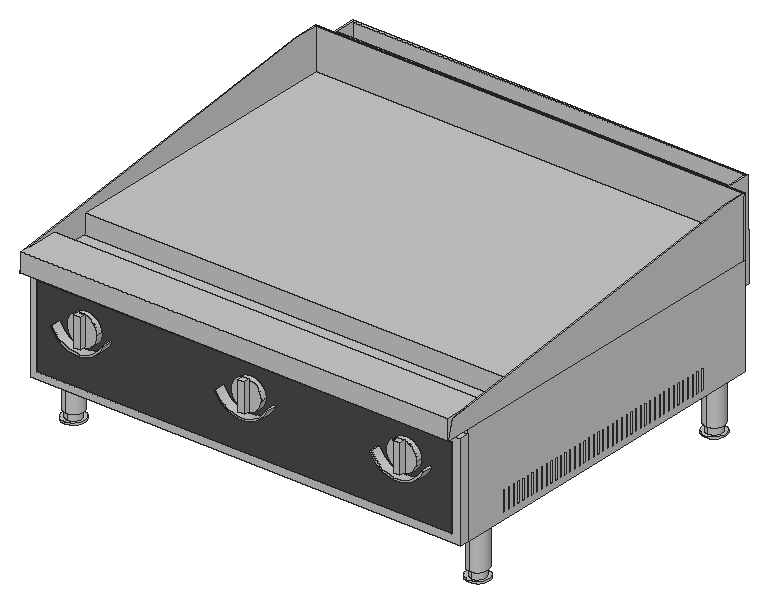
Revit family "QF_Vollrath_936GGT", category Specialty Equipment, Revit 2016
Family settings
  Part Type = Normal
  Round Connector Dimension = Use Diameter
  OmniClass Number = 23.40.40.14.17.21
  OmniClass Title = Grills
  Work Plane-Based = No
  Always vertical = Yes
  Cut with Voids When Loaded = No
  Shared = No
  Room Calculation Point = No
Parameters (values of type "936GGT")
  Width = 36.00"
  Weight in Pounds = 450
  Watermarked By = "http://revitwatermark.com"
  URL Cutsheet = ""
  URL = ""
  Status [instance] = ""
  Specification by User [instance] = ""
  Specification by Manufacturer [instance] = ""
  Serial Number [instance] = ""
  Seismic Rating [instance] = ""
  Revision Code [instance] = ""
  NAFEM Spec ID Number [instance] = ""
  Model = "936GGT"
  Mechanical Remarks [instance] = ""
  Mechanical Connection Type [instance] = ""
  Masterspec [instance] = ""
  Manufacturer = "Vollrath"
  Length = 31.00"
  Item Number [instance] = "-"
  Installed By [instance] = ""
  Height AFF [instance] = 36.00"
  Gas Size = 3/4"
  Gas RI Height [instance] = 0.00"
  Gas Input = 90000.0 Btu/h
  Gas Connection Height [instance] = Height AFF + 5.375"  # 41.375"
  Furnished By [instance] = ""
  Foodservice Equipment Identifier [instance] = yes
  Description = "Heavy-Duty Flat Top Gas Griddle Thermostatically Controlled"
  CSI MasterFormat = "11 44 00"
  Assembly Code = "E1090320"
Reference planes (in)
  plane 1: z = 0
  plane 2 "BOTTOM": z = 36
  plane 3 "LEFT CLEARANCE": x = -30.72076
  plane 4 "RIGHT CLEARANCE": x = 17.27924
  plane 5 "BACK CLEARANCE": y = 6
  plane 6 "Top of Legs": z = 40
  plane 7 "LEFT": x = -24.72076
  plane 8 "RIGHT": x = 11.27924
  plane 9 "BACK": y = 0
  plane 10: z = 39.75
  plane 11: z = 39.5
  plane 12: z = 41.5
  plane 13: y = -0.125
  plane 14: x = -24.59576
  plane 15 "Grease Trap": z = 48.38
  plane 16 "TOP": z = 53.38
  plane 17: y = -54.1
  plane 18: z = 37.04079
  plane 19: y = 1.5
  plane 20: z = 45.25
  plane 21: z = 45.4229
  plane 22: z = 50.005
  plane 23 "FRONT": y = -33
  plane 24: y = -29.62
  plane 25: y = -26.37
  plane 26: x = 11.15424
  plane 27: x = 10.53171
  plane 28: x = -2.0635
  plane 29: x = 9.9365
  plane 30: x = -6.72076
  plane 31: x = -6.22076
  plane 32: x = -6.72076
Forms (in)
  Extrusion 1, solid, material "QF_Finishes_Stainless Steel"
    sketch origin (0, -2, 36) x (0, 1, 0) y (-1, 0, 0)
      loop
        circle (-2, 23.59576) r 0.9375
    from 0 to 0.125
  Extrusion 2, solid, material "QF_Finishes_Stainless Steel"
    sketch origin (0, -2, 36) x (0, 1, 0) y (-1, 0, 0)
      loop
        circle (-2, 23.59576) r 0.625
    from 0.125 to 0.75
  Extrusion 3, solid, material "QF_Finishes_Stainless Steel"
    sketch origin (0, -2, 36) x (0, 1, 0) y (-1, 0, 0)
      loop
        circle (-2, 23.59576) r 0.8125
    from 0.75 to 4
  Extrusion 4, solid, material "QF_Finishes_Stainless Steel"
    sketch origin (33.375, -2, 36) x (0, 1, 0) y (-1, 0, 0)
      loop
        circle (-2, 23.09576) r 0.9375
    from 0 to 0.125
  Extrusion 5, solid, material "QF_Finishes_Stainless Steel"
    sketch origin (33.375, -2, 36) x (0, 1, 0) y (-1, 0, 0)
      loop
        circle (-2, 23.09576) r 0.625
    from 0.125 to 0.75
  Extrusion 6, solid, material "QF_Finishes_Stainless Steel"
    sketch origin (33.375, -2, 36) x (0, 1, 0) y (-1, 0, 0)
      loop
        circle (-2, 23.09576) r 0.8125
    from 0.75 to 4
  Extrusion 7, solid, material "QF_Finishes_Stainless Steel"
    sketch origin (33.375, -27.75, 36) x (0, 1, 0) y (-1, 0, 0)
      loop
        circle (-1, 23.09576) r 0.9375
    from 0 to 0.125
  Extrusion 8, solid, material "QF_Finishes_Stainless Steel"
    sketch origin (33.375, -27.75, 36) x (0, 1, 0) y (-1, 0, 0)
      loop
        circle (-1, 23.09576) r 0.625
    from 0.125 to 0.75
  Extrusion 9, solid, material "QF_Finishes_Stainless Steel"
    sketch origin (33.375, -27.75, 36) x (0, 1, 0) y (-1, 0, 0)
      loop
        circle (-1, 23.09576) r 0.8125
    from 0.75 to 4
  Extrusion 10, solid, material "QF_Finishes_Stainless Steel"
    sketch origin (0, -27.75, 36) x (0, 1, 0) y (-1, 0, 0)
      loop
        circle (-1, 23.59576) r 0.9375
    from 0 to 0.125
  Extrusion 11, solid, material "QF_Finishes_Stainless Steel"
    sketch origin (0, -27.75, 36) x (0, 1, 0) y (-1, 0, 0)
      loop
        circle (-1, 23.59576) r 0.625
    from 0.125 to 0.75
  Extrusion 12, solid, material "QF_Finishes_Stainless Steel"
    sketch origin (0, -27.75, 36) x (0, 1, 0) y (-1, 0, 0)
      loop
        circle (-1, 23.59576) r 0.8125
    from 0.75 to 4
  Extrusion 13, solid, material "QF_Finishes_Stainless Steel"
    sketch origin (0, -2, 36) x (0, 1, 0) y (-1, 0, 0)
      loop
        line (0, 24.72076) -> (-29.04599, 24.72076) -> (-29.04599, -11.27924) -> (0, -11.27924) -> (0, 24.72076)
    from 4 to 12.38
  Extrusion 14, solid, material "QF_Finishes_Black"
    sketch origin (0, -2, 0) x (1, 0, 0) y (0, 0, 1)
      loop
        line (-18.72076, 40) -> (-18.72076, 39.75) -> (-10.62326, 39.75) -> (-10.62326, 40) -> (-18.72076, 40)
    from 20.18353 to 29.04599
  Extrusion 15, solid, material "QF_Finishes_Clearances", detail levels coarse
    sketch origin (0, 0, 36) x (0, 1, 0) y (-1, 0, 0)
      loop
        line (6, 30.72076) -> (-33, 30.72076) -> (-33, 24.72076) -> (6, 24.72076) -> (6, 30.72076)
    from 0 to 17.38
  Extrusion 16, solid, material "QF_Finishes_Clearances", detail levels coarse
    sketch origin (0, 0, 36) x (0, 1, 0) y (-1, 0, 0)
      loop
        line (6, -11.27924) -> (-33, -11.27924) -> (-33, -17.27924) -> (6, -17.27924) -> (6, -11.27924)
    from 0 to 17.38
  Extrusion 17, solid, material "QF_Finishes_Clearances", detail levels coarse
    sketch origin (0, 0, 36) x (0, 1, 0) y (-1, 0, 0)
      loop
        line (6, 24.72076) -> (0, 24.72076) -> (0, -11.27924) -> (6, -11.27924) -> (6, 24.72076)
    from 0 to 17.38
  Extrusion 18, solid, material "QF_Finishes_Stainless Steel"
    sketch origin (9.31103, -2, 0) x (1, 0, 0) y (0, 0, 1)
      loop
        circle (-9.53179, 41.5) r 0.375
    from -1.5 to 0
  Extrusion 19, solid, material "QF_Finishes_Stainless Steel"
    sketch origin (-36.59576, -2, 0) x (0, 1, 0) y (0, 0, 1)
      loop
        line (-30.61071, 49.92402) -> (-30.9385, 48.38) -> (0, 48.38) -> (0, 53.38) -> (-2.02013, 53.38) -> (-30.61071, 49.92402)
    from 11.875 to 12
  Extrusion 20, solid, material "QF_Finishes_Stainless Steel"
    sketch origin (-24.72076, -2, 0) x (0, 1, 0) y (0, 0, 1)
      loop
        line (-27.62, 48.38) -> (-27.62, 50.005) -> (-31, 50.005) -> (-31, 48.38) -> (-27.62, 48.38)
    from 0.125 to 35.875
  Extrusion 21, solid, material "QF_Finishes_Stainless Steel"
    sketch origin (0, -2, 10) x (1, 0, 0) y (0, 0, 1)
      loop
        line (-24.72076, 38.06) -> (-24.72076, 30) -> (11.27924, 30) -> (11.27924, 38.06) -> (-24.72076, 38.06)
      loop
        line (-24.21829, 37.52818) -> (-24.21829, 30.59949) -> (10.53171, 30.59949) -> (10.53171, 37.52818) -> (-24.21829, 37.52818)
    from 29.04599 to 29.79599
  Extrusion 22, solid, material "QF_Finishes_Stainless Steel"
    sketch origin (-12.72076, -2, 0) x (0, 1, 0) y (0, 0, 1)
      loop
        line (-30.61026, 49.90067) -> (-31, 48.38) -> (0, 48.38) -> (0, 53.38) -> (-1.85356, 53.38) -> (-30.61026, 49.90067)
    from 23.875 to 24
  Extrusion 23, solid, material "QF_Finishes_Stainless Steel"
    sketch origin (-24.72076, -2, 0) x (0, 1, 0) y (0, 0, 1)
      loop
        line (-0.125, 53.38) -> (-0.125, 48.38) -> (0, 48.38) -> (0, 53.38) -> (-0.125, 53.38)
    from 0 to 36
  Extrusion 24, solid, material "QF_Finishes_Black"
    sketch origin (0, -2, 10) x (1, 0, 0) y (0, 0, 1)
      loop
        line (-24.21829, 37.52818) -> (-24.21829, 30.59949) -> (10.53171, 30.59949) -> (10.53171, 37.52818) -> (-24.21829, 37.52818)
      loop
        circle (-20.11576, 35.36228) r 1.25
      loop
        circle (6.70498, 35.36228) r 1.25
      loop
        circle (-6.32326, 35.36228) r 1.25
    from 29.04599 to 29.79599
  Extrusion 25, void
    sketch origin (-24.72076, -2, 0) x (0, 1, 0) y (0, 0, 1)
      loop
        line (-25.39258, 42.24738) -> (-25.39258, 40.49738) -> (-25.14258, 40.49738) -> (-25.14258, 42.24738) -> (-25.39258, 42.24738)
      loop
        line (-24.89258, 42.24738) -> (-24.89258, 40.49738) -> (-24.64258, 40.49738) -> (-24.64258, 42.24738) -> (-24.89258, 42.24738)
      loop
        line (-24.39258, 42.24738) -> (-24.39258, 40.49738) -> (-24.14258, 40.49738) -> (-24.14258, 42.24738) -> (-24.39258, 42.24738)
      loop
        line (-23.89258, 42.24738) -> (-23.89258, 40.49738) -> (-23.64258, 40.49738) -> (-23.64258, 42.24738) -> (-23.89258, 42.24738)
      loop
        line (-23.39258, 42.24738) -> (-23.39258, 40.49738) -> (-23.14258, 40.49738) -> (-23.14258, 42.24738) -> (-23.39258, 42.24738)
      loop
        line (-22.89258, 42.24738) -> (-22.89258, 40.49738) -> (-22.64258, 40.49738) -> (-22.64258, 42.24738) -> (-22.89258, 42.24738)
      loop
        line (-22.43353, 42.24738) -> (-22.43353, 40.49738) -> (-22.18353, 40.49738) -> (-22.18353, 42.24738) -> (-22.43353, 42.24738)
      loop
        line (-21.93353, 42.24738) -> (-21.93353, 40.49738) -> (-21.68353, 40.49738) -> (-21.68353, 42.24738) -> (-21.93353, 42.24738)
      loop
        line (-21.43353, 42.24738) -> (-21.43353, 40.49738) -> (-21.18353, 40.49738) -> (-21.18353, 42.24738) -> (-21.43353, 42.24738)
      loop
        line (-20.93353, 42.24738) -> (-20.93353, 40.49738) -> (-20.68353, 40.49738) -> (-20.68353, 42.24738) -> (-20.93353, 42.24738)
      loop
        line (-20.43353, 42.24738) -> (-20.43353, 40.49738) -> (-20.18353, 40.49738) -> (-20.18353, 42.24738) -> (-20.43353, 42.24738)
      loop
        line (-19.93353, 42.24738) -> (-19.93353, 40.49738) -> (-19.68353, 40.49738) -> (-19.68353, 42.24738) -> (-19.93353, 42.24738)
      loop
        line (-19.47447, 42.24738) -> (-19.47447, 40.49738) -> (-19.22447, 40.49738) -> (-19.22447, 42.24738) -> (-19.47447, 42.24738)
      loop
        line (-18.97447, 42.24738) -> (-18.97447, 40.49738) -> (-18.72447, 40.49738) -> (-18.72447, 42.24738) -> (-18.97447, 42.24738)
      loop
        line (-18.47447, 42.24738) -> (-18.47447, 40.49738) -> (-18.22447, 40.49738) -> (-18.22447, 42.24738) -> (-18.47447, 42.24738)
      loop
        line (-17.97447, 42.24738) -> (-17.97447, 40.49738) -> (-17.72447, 40.49738) -> (-17.72447, 42.24738) -> (-17.97447, 42.24738)
      loop
        line (-17.47447, 42.24738) -> (-17.47447, 40.49738) -> (-17.22447, 40.49738) -> (-17.22447, 42.24738) -> (-17.47447, 42.24738)
      loop
        line (-16.97447, 42.24738) -> (-16.97447, 40.49738) -> (-16.72447, 40.49738) -> (-16.72447, 42.24738) -> (-16.97447, 42.24738)
      loop
        line (-16.51542, 42.24738) -> (-16.51542, 40.49738) -> (-16.26542, 40.49738) -> (-16.26542, 42.24738) -> (-16.51542, 42.24738)
      loop
        line (-16.01542, 42.24738) -> (-16.01542, 40.49738) -> (-15.76542, 40.49738) -> (-15.76542, 42.24738) -> (-16.01542, 42.24738)
      loop
        line (-15.51542, 42.24738) -> (-15.51542, 40.49738) -> (-15.26542, 40.49738) -> (-15.26542, 42.24738) -> (-15.51542, 42.24738)
      loop
        line (-15.01542, 42.24738) -> (-15.01542, 40.49738) -> (-14.76542, 40.49738) -> (-14.76542, 42.24738) -> (-15.01542, 42.24738)
      loop
        line (-14.51542, 42.24738) -> (-14.51542, 40.49738) -> (-14.26542, 40.49738) -> (-14.26542, 42.24738) -> (-14.51542, 42.24738)
      loop
        line (-14.01542, 42.24738) -> (-14.01542, 40.49738) -> (-13.76542, 40.49738) -> (-13.76542, 42.24738) -> (-14.01542, 42.24738)
      loop
        line (-13.55636, 42.24738) -> (-13.55636, 40.49738) -> (-13.30636, 40.49738) -> (-13.30636, 42.24738) -> (-13.55636, 42.24738)
      loop
        line (-13.05636, 42.24738) -> (-13.05636, 40.49738) -> (-12.80636, 40.49738) -> (-12.80636, 42.24738) -> (-13.05636, 42.24738)
      loop
        line (-12.55636, 42.24738) -> (-12.55636, 40.49738) -> (-12.30636, 40.49738) -> (-12.30636, 42.24738) -> (-12.55636, 42.24738)
      loop
        line (-12.05636, 42.24738) -> (-12.05636, 40.49738) -> (-11.80636, 40.49738) -> (-11.80636, 42.24738) -> (-12.05636, 42.24738)
      loop
        line (-11.55636, 42.24738) -> (-11.55636, 40.49738) -> (-11.30636, 40.49738) -> (-11.30636, 42.24738) -> (-11.55636, 42.24738)
      loop
        line (-11.05636, 42.24738) -> (-11.05636, 40.49738) -> (-10.80636, 40.49738) -> (-10.80636, 42.24738) -> (-11.05636, 42.24738)
      loop
        line (-10.59731, 42.24738) -> (-10.59731, 40.49738) -> (-10.34731, 40.49738) -> (-10.34731, 42.24738) -> (-10.59731, 42.24738)
      loop
        line (-10.09731, 42.24738) -> (-10.09731, 40.49738) -> (-9.84731, 40.49738) -> (-9.84731, 42.24738) -> (-10.09731, 42.24738)
      loop
        line (-9.59731, 42.24738) -> (-9.59731, 40.49738) -> (-9.34731, 40.49738) -> (-9.34731, 42.24738) -> (-9.59731, 42.24738)
      loop
        line (-9.09731, 42.24738) -> (-9.09731, 40.49738) -> (-8.84731, 40.49738) -> (-8.84731, 42.24738) -> (-9.09731, 42.24738)
      loop
        line (-8.63825, 42.24738) -> (-8.63825, 40.49738) -> (-8.38825, 40.49738) -> (-8.38825, 42.24738) -> (-8.63825, 42.24738)
      loop
        line (-8.13825, 42.24738) -> (-8.13825, 40.49738) -> (-7.88825, 40.49738) -> (-7.88825, 42.24738) -> (-8.13825, 42.24738)
      loop
        line (-7.63825, 42.24738) -> (-7.63825, 40.49738) -> (-7.38825, 40.49738) -> (-7.38825, 42.24738) -> (-7.63825, 42.24738)
      loop
        line (-7.13825, 42.24738) -> (-7.13825, 40.49738) -> (-6.88825, 40.49738) -> (-6.88825, 42.24738) -> (-7.13825, 42.24738)
      loop
        line (-6.63825, 42.24738) -> (-6.63825, 40.49738) -> (-6.38825, 40.49738) -> (-6.38825, 42.24738) -> (-6.63825, 42.24738)
      loop
        line (-6.13825, 42.24738) -> (-6.13825, 40.49738) -> (-5.88825, 40.49738) -> (-5.88825, 42.24738) -> (-6.13825, 42.24738)
      loop
        line (-5.63825, 42.24738) -> (-5.63825, 40.49738) -> (-5.38825, 40.49738) -> (-5.38825, 42.24738) -> (-5.63825, 42.24738)
      loop
        line (-5.13825, 42.24738) -> (-5.13825, 40.49738) -> (-4.88825, 40.49738) -> (-4.88825, 42.24738) -> (-5.13825, 42.24738)
      loop
        line (-4.63825, 42.24738) -> (-4.63825, 40.49738) -> (-4.38825, 40.49738) -> (-4.38825, 42.24738) -> (-4.63825, 42.24738)
    from 35.59894 to 36
  Extrusion 26, void
    sketch origin (-48.47076, -2, 0) x (0, 1, 0) y (0, 0, 1)
      loop
        line (-25.39258, 42.24738) -> (-25.39258, 40.49738) -> (-25.14258, 40.49738) -> (-25.14258, 42.24738) -> (-25.39258, 42.24738)
      loop
        line (-24.89258, 42.24738) -> (-24.89258, 40.49738) -> (-24.64258, 40.49738) -> (-24.64258, 42.24738) -> (-24.89258, 42.24738)
      loop
        line (-24.39258, 42.24738) -> (-24.39258, 40.49738) -> (-24.14258, 40.49738) -> (-24.14258, 42.24738) -> (-24.39258, 42.24738)
      loop
        line (-23.89258, 42.24738) -> (-23.89258, 40.49738) -> (-23.64258, 40.49738) -> (-23.64258, 42.24738) -> (-23.89258, 42.24738)
      loop
        line (-23.39258, 42.24738) -> (-23.39258, 40.49738) -> (-23.14258, 40.49738) -> (-23.14258, 42.24738) -> (-23.39258, 42.24738)
      loop
        line (-22.89258, 42.24738) -> (-22.89258, 40.49738) -> (-22.64258, 40.49738) -> (-22.64258, 42.24738) -> (-22.89258, 42.24738)
      loop
        line (-22.43353, 42.24738) -> (-22.43353, 40.49738) -> (-22.18353, 40.49738) -> (-22.18353, 42.24738) -> (-22.43353, 42.24738)
      loop
        line (-21.93353, 42.24738) -> (-21.93353, 40.49738) -> (-21.68353, 40.49738) -> (-21.68353, 42.24738) -> (-21.93353, 42.24738)
      loop
        line (-21.43353, 42.24738) -> (-21.43353, 40.49738) -> (-21.18353, 40.49738) -> (-21.18353, 42.24738) -> (-21.43353, 42.24738)
      loop
        line (-20.93353, 42.24738) -> (-20.93353, 40.49738) -> (-20.68353, 40.49738) -> (-20.68353, 42.24738) -> (-20.93353, 42.24738)
      loop
        line (-20.43353, 42.24738) -> (-20.43353, 40.49738) -> (-20.18353, 40.49738) -> (-20.18353, 42.24738) -> (-20.43353, 42.24738)
      loop
        line (-19.93353, 42.24738) -> (-19.93353, 40.49738) -> (-19.68353, 40.49738) -> (-19.68353, 42.24738) -> (-19.93353, 42.24738)
      loop
        line (-19.47447, 42.24738) -> (-19.47447, 40.49738) -> (-19.22447, 40.49738) -> (-19.22447, 42.24738) -> (-19.47447, 42.24738)
      loop
        line (-18.97447, 42.24738) -> (-18.97447, 40.49738) -> (-18.72447, 40.49738) -> (-18.72447, 42.24738) -> (-18.97447, 42.24738)
      loop
        line (-18.47447, 42.24738) -> (-18.47447, 40.49738) -> (-18.22447, 40.49738) -> (-18.22447, 42.24738) -> (-18.47447, 42.24738)
      loop
        line (-17.97447, 42.24738) -> (-17.97447, 40.49738) -> (-17.72447, 40.49738) -> (-17.72447, 42.24738) -> (-17.97447, 42.24738)
      loop
        line (-17.47447, 42.24738) -> (-17.47447, 40.49738) -> (-17.22447, 40.49738) -> (-17.22447, 42.24738) -> (-17.47447, 42.24738)
      loop
        line (-16.97447, 42.24738) -> (-16.97447, 40.49738) -> (-16.72447, 40.49738) -> (-16.72447, 42.24738) -> (-16.97447, 42.24738)
      loop
        line (-16.51542, 42.24738) -> (-16.51542, 40.49738) -> (-16.26542, 40.49738) -> (-16.26542, 42.24738) -> (-16.51542, 42.24738)
      loop
        line (-16.01542, 42.24738) -> (-16.01542, 40.49738) -> (-15.76542, 40.49738) -> (-15.76542, 42.24738) -> (-16.01542, 42.24738)
      loop
        line (-15.51542, 42.24738) -> (-15.51542, 40.49738) -> (-15.26542, 40.49738) -> (-15.26542, 42.24738) -> (-15.51542, 42.24738)
      loop
        line (-15.01542, 42.24738) -> (-15.01542, 40.49738) -> (-14.76542, 40.49738) -> (-14.76542, 42.24738) -> (-15.01542, 42.24738)
      loop
        line (-14.51542, 42.24738) -> (-14.51542, 40.49738) -> (-14.26542, 40.49738) -> (-14.26542, 42.24738) -> (-14.51542, 42.24738)
      loop
        line (-14.01542, 42.24738) -> (-14.01542, 40.49738) -> (-13.76542, 40.49738) -> (-13.76542, 42.24738) -> (-14.01542, 42.24738)
      loop
        line (-13.55636, 42.24738) -> (-13.55636, 40.49738) -> (-13.30636, 40.49738) -> (-13.30636, 42.24738) -> (-13.55636, 42.24738)
      loop
        line (-13.05636, 42.24738) -> (-13.05636, 40.49738) -> (-12.80636, 40.49738) -> (-12.80636, 42.24738) -> (-13.05636, 42.24738)
      loop
        line (-12.55636, 42.24738) -> (-12.55636, 40.49738) -> (-12.30636, 40.49738) -> (-12.30636, 42.24738) -> (-12.55636, 42.24738)
      loop
        line (-12.05636, 42.24738) -> (-12.05636, 40.49738) -> (-11.80636, 40.49738) -> (-11.80636, 42.24738) -> (-12.05636, 42.24738)
      loop
        line (-11.55636, 42.24738) -> (-11.55636, 40.49738) -> (-11.30636, 40.49738) -> (-11.30636, 42.24738) -> (-11.55636, 42.24738)
      loop
        line (-11.05636, 42.24738) -> (-11.05636, 40.49738) -> (-10.80636, 40.49738) -> (-10.80636, 42.24738) -> (-11.05636, 42.24738)
      loop
        line (-10.59731, 42.24738) -> (-10.59731, 40.49738) -> (-10.34731, 40.49738) -> (-10.34731, 42.24738) -> (-10.59731, 42.24738)
      loop
        line (-10.13825, 42.24738) -> (-10.13825, 40.49738) -> (-9.88825, 40.49738) -> (-9.88825, 42.24738) -> (-10.13825, 42.24738)
      loop
        line (-9.63825, 42.24738) -> (-9.63825, 40.49738) -> (-9.38825, 40.49738) -> (-9.38825, 42.24738) -> (-9.63825, 42.24738)
      loop
        line (-9.13825, 42.24738) -> (-9.13825, 40.49738) -> (-8.88825, 40.49738) -> (-8.88825, 42.24738) -> (-9.13825, 42.24738)
      loop
        line (-8.63825, 42.24738) -> (-8.63825, 40.49738) -> (-8.38825, 40.49738) -> (-8.38825, 42.24738) -> (-8.63825, 42.24738)
      loop
        line (-8.13825, 42.24738) -> (-8.13825, 40.49738) -> (-7.88825, 40.49738) -> (-7.88825, 42.24738) -> (-8.13825, 42.24738)
      loop
        line (-7.63825, 42.24738) -> (-7.63825, 40.49738) -> (-7.38825, 40.49738) -> (-7.38825, 42.24738) -> (-7.63825, 42.24738)
      loop
        line (-7.1792, 42.24738) -> (-7.1792, 40.49738) -> (-6.9292, 40.49738) -> (-6.9292, 42.24738) -> (-7.1792, 42.24738)
      loop
        line (-6.6792, 42.24738) -> (-6.6792, 40.49738) -> (-6.4292, 40.49738) -> (-6.4292, 42.24738) -> (-6.6792, 42.24738)
      loop
        line (-6.1792, 42.24738) -> (-6.1792, 40.49738) -> (-5.9292, 40.49738) -> (-5.9292, 42.24738) -> (-6.1792, 42.24738)
      loop
        line (-5.6792, 42.24738) -> (-5.6792, 40.49738) -> (-5.4292, 40.49738) -> (-5.4292, 42.24738) -> (-5.6792, 42.24738)
      loop
        line (-5.1792, 42.24738) -> (-5.1792, 40.49738) -> (-4.9292, 40.49738) -> (-4.9292, 42.24738) -> (-5.1792, 42.24738)
      loop
        line (-4.6792, 42.24738) -> (-4.6792, 40.49738) -> (-4.4292, 40.49738) -> (-4.4292, 42.24738) -> (-4.6792, 42.24738)
    from 23.67052 to 24
  Extrusion 27, solid, material "QF_Finishes_Stainless Steel"
    sketch origin (15.47175, -6, 0) x (1, 0, 0) y (0, 0, 1)
      loop
        circle (-21.79502, 45.36228) r 1.25
    from 25.04599 to 26.25
  Extrusion 28, solid, material "QF_Finishes_Stainless Steel"
    sketch origin (15.47175, -6, 0.03961) x (1, 0, 0) y (0, 0, 1)
      loop
        line (-22.10719, 46.57267) -> (-22.10719, 44.14715) -> (-21.55452, 44.14715) -> (-21.55452, 46.57267) -> (-22.10719, 46.57267)
    from 26.25 to 26.75
  Extrusion 29, solid, material "QF_Finishes_Stainless Steel"
    sketch origin (28.5, -6, 0) x (1, 0, 0) y (0, 0, 1)
      loop
        circle (-21.79502, 45.36228) r 1.25
    from 25.04599 to 26.25
  Extrusion 30, solid, material "QF_Finishes_Stainless Steel"
    sketch origin (28.5, -6, 0.03961) x (1, 0, 0) y (0, 0, 1)
      loop
        line (-22.10719, 46.57267) -> (-22.10719, 44.14715) -> (-21.55452, 44.14715) -> (-21.55452, 46.57267) -> (-22.10719, 46.57267)
    from 26.25 to 26.75
  Extrusion 31, solid, material "QF_Finishes_Stainless Steel", not visible
    sketch origin (0, 0, 0.25) x (1, 0, 0) y (0, 0, 1)
      loop
        circle (-24.02485, 46.05421) r 0.25
    from 0.125 to 25.04599
  Extrusion 32, solid, material "QF_Finishes_Stainless Steel", not visible
    sketch origin (0.8089, 0, 0.25) x (1, 0, 0) y (0, 0, 1)
      loop
        circle (-24.02485, 46.05421) r 0.25
    from 0.125 to 25.04599
  Extrusion 33, solid, material "QF_Finishes_Stainless Steel", not visible
    sketch origin (1.62977, 0, 0.25) x (1, 0, 0) y (0, 0, 1)
      loop
        circle (-24.02485, 46.05421) r 0.25
    from 0.24473 to 25.25
  Extrusion 34, solid, material "QF_Finishes_Stainless Steel", not visible
    sketch origin (2.43868, 0, 0.25) x (1, 0, 0) y (0, 0, 1)
      loop
        circle (-24.02485, 46.05421) r 0.25
    from 0.24473 to 25.04599
  Extrusion 35, solid, material "QF_Finishes_Stainless Steel", not visible
    sketch origin (3.25954, 0, 0.25) x (1, 0, 0) y (0, 0, 1)
      loop
        circle (-24.02485, 46.05421) r 0.25
    from 0.24473 to 25.04599
  Extrusion 36, solid, material "QF_Finishes_Stainless Steel", not visible
    sketch origin (4.06845, 0, 0.25) x (1, 0, 0) y (0, 0, 1)
      loop
        circle (-24.02485, 46.05421) r 0.25
    from 0.125 to 25.75
  Extrusion 37, solid, material "QF_Finishes_Stainless Steel", not visible
    sketch origin (4.88932, 0, 0.25) x (1, 0, 0) y (0, 0, 1)
      loop
        circle (-24.02485, 46.05421) r 0.25
    from 0.125 to 25.04599
  Extrusion 38, solid, material "QF_Finishes_Stainless Steel", not visible
    sketch origin (5.69822, 0, 0.25) x (1, 0, 0) y (0, 0, 1)
      loop
        circle (-24.02485, 46.05421) r 0.25
    from 0.125 to 25.75
  Extrusion 39, solid, material "QF_Finishes_Stainless Steel", not visible
    sketch origin (6.51909, 0, 0.25) x (1, 0, 0) y (0, 0, 1)
      loop
        circle (-24.02485, 46.05421) r 0.25
    from 0.125 to 25.04599
  Extrusion 40, solid, material "QF_Finishes_Stainless Steel", not visible
    sketch origin (7.32799, 0, 0.25) x (1, 0, 0) y (0, 0, 1)
      loop
        circle (-24.02485, 46.05421) r 0.25
    from 0 to 25.04599
  Extrusion 41, solid, material "QF_Finishes_Stainless Steel", not visible
    sketch origin (8.14886, 0, 0.25) x (1, 0, 0) y (0, 0, 1)
      loop
        circle (-24.02485, 46.05421) r 0.25
    from 0 to 25.04599
  Extrusion 42, solid, material "QF_Finishes_Stainless Steel", not visible
    sketch origin (8.95777, 0, 0.25) x (1, 0, 0) y (0, 0, 1)
      loop
        circle (-24.02485, 46.05421) r 0.25
    from 0 to 25.04599
  Extrusion 43, solid, material "QF_Finishes_Stainless Steel", not visible
    sketch origin (9.76477, 0, 0.25) x (1, 0, 0) y (0, 0, 1)
      loop
        circle (-24.02485, 46.05421) r 0.25
    from 0 to 25.04599
  Extrusion 44, solid, material "QF_Finishes_Stainless Steel", not visible
    sketch origin (10.57367, 0, 0.25) x (1, 0, 0) y (0, 0, 1)
      loop
        circle (-24.02485, 46.05421) r 0.25
    from 0 to 25.04599
  Extrusion 45, solid, material "QF_Finishes_Stainless Steel", not visible
    sketch origin (11.39454, 0, 0.25) x (1, 0, 0) y (0, 0, 1)
      loop
        circle (-24.02485, 46.05421) r 0.25
    from 0 to 25.04599
  Extrusion 46, solid, material "QF_Finishes_Stainless Steel", not visible
    sketch origin (12.26638, 0, 0.25) x (1, 0, 0) y (0, 0, 1)
      loop
        circle (-24.02485, 46.05421) r 0.25
    from 0 to 25.04599
  Extrusion 47, solid, material "QF_Finishes_Stainless Steel", not visible
    sketch origin (13.08724, 0, 0.25) x (1, 0, 0) y (0, 0, 1)
      loop
        circle (-24.02485, 46.05421) r 0.25
    from 0 to 25.04599
  Extrusion 48, solid, material "QF_Finishes_Stainless Steel", not visible
    sketch origin (13.89615, 0, 0.25) x (1, 0, 0) y (0, 0, 1)
      loop
        circle (-24.02485, 46.05421) r 0.25
    from 0 to 25.04599
  Extrusion 49, solid, material "QF_Finishes_Stainless Steel", not visible
    sketch origin (15.40006, 0, 0.25) x (1, 0, 0) y (0, 0, 1)
      loop
        circle (-30.52485, 46.05421) r 0.25
    from 0 to 25.04599
  Extrusion 50, solid, material "QF_Finishes_Stainless Steel", not visible
    sketch origin (16.22092, 0, 0.25) x (1, 0, 0) y (0, 0, 1)
      loop
        circle (-30.52485, 46.05421) r 0.25
    from 0 to 25.25
  Extrusion 51, solid, material "QF_Finishes_Stainless Steel", not visible
    sketch origin (17.09276, 0, 0.25) x (1, 0, 0) y (0, 0, 1)
      loop
        circle (-30.52485, 46.05421) r 0.25
    from 0 to 25.04599
  Extrusion 52, solid, material "QF_Finishes_Stainless Steel", not visible
    sketch origin (17.91363, 0, 0.25) x (1, 0, 0) y (0, 0, 1)
      loop
        circle (-30.52485, 46.05421) r 0.25
    from 0 to 25.04599
  Extrusion 53, solid, material "QF_Finishes_Stainless Steel", not visible
    sketch origin (18.72253, 0, 0.25) x (1, 0, 0) y (0, 0, 1)
      loop
        circle (-30.52485, 46.05421) r 0.25
    from 0 to 25.04599
  Extrusion 54, solid, material "QF_Finishes_Stainless Steel", not visible
    sketch origin (19.5434, 0, 0.25) x (1, 0, 0) y (0, 0, 1)
      loop
        circle (-30.52485, 46.05421) r 0.25
    from 0 to 25.04599
  Extrusion 55, solid, material "QF_Finishes_Stainless Steel", not visible
    sketch origin (20.3523, 0, 0.25) x (1, 0, 0) y (0, 0, 1)
      loop
        circle (-30.52485, 46.05421) r 0.25
    from 0 to 25.04599
  Extrusion 56, solid, material "QF_Finishes_Stainless Steel", not visible
    sketch origin (21.17317, 0, 0.25) x (1, 0, 0) y (0, 0, 1)
      loop
        circle (-30.52485, 46.05421) r 0.25
    from 0 to 25.04599
  Extrusion 57, solid, material "QF_Finishes_Stainless Steel", not visible
    sketch origin (21.98208, 0, 0.25) x (1, 0, 0) y (0, 0, 1)
      loop
        circle (-30.52485, 46.05421) r 0.25
    from 0 to 25.04599
  Extrusion 58, solid, material "QF_Finishes_Stainless Steel", not visible
    sketch origin (22.80294, 0, 0.25) x (1, 0, 0) y (0, 0, 1)
      loop
        circle (-30.52485, 46.05421) r 0.25
    from 0 to 25.25
  Extrusion 59, solid, material "QF_Finishes_Stainless Steel", not visible
    sketch origin (23.61185, 0, 0.25) x (1, 0, 0) y (0, 0, 1)
      loop
        circle (-30.52485, 46.05421) r 0.25
    from 0 to 25.04599
  Extrusion 60, solid, material "QF_Finishes_Stainless Steel", not visible
    sketch origin (24.43272, 0, 0.25) x (1, 0, 0) y (0, 0, 1)
      loop
        circle (-30.52485, 46.05421) r 0.25
    from 0 to 25.04599
  Extrusion 61, solid, material "QF_Finishes_Stainless Steel", not visible
    sketch origin (25.24162, 0, 0.25) x (1, 0, 0) y (0, 0, 1)
      loop
        circle (-30.52485, 46.05421) r 0.25
    from 0 to 25.75
  Extrusion 62, solid, material "QF_Finishes_Stainless Steel", not visible
    sketch origin (26.06249, 0, 0.25) x (1, 0, 0) y (0, 0, 1)
      loop
        circle (-30.52485, 46.05421) r 0.25
    from 0 to 25.04599
  Extrusion 63, solid, material "QF_Finishes_Stainless Steel", not visible
    sketch origin (32.58158, 0, 0.25) x (1, 0, 0) y (0, 0, 1)
      loop
        circle (-36.02485, 46.05421) r 0.25
    from 0 to 25.04599
  Extrusion 64, solid, material "QF_Finishes_Stainless Steel", not visible
    sketch origin (33.40244, 0, 0.25) x (1, 0, 0) y (0, 0, 1)
      loop
        circle (-36.02485, 46.05421) r 0.25
    from 0 to 25.04599
  Extrusion 65, solid, material "QF_Finishes_Stainless Steel", not visible
    sketch origin (34.21135, 0, 0.25) x (1, 0, 0) y (0, 0, 1)
      loop
        circle (-36.02485, 46.05421) r 0.25
    from 0 to 25.75
  Sweep 66, solid, material "QF_Finishes_Stainless Steel"
    path origin (13.72175, -32.63083, 0) x (1, 0, 0) y (0, 0, 1)
      loop
        arc (-22.40972, 45.02818) -> (-20.15972, 43.59334) -> (-17.90972, 45.02818) r 2.48155
    profile origin (-6.43797, -32.63083, 43.59334) x (0, 0, 1) y (0, -1, 0)
      loop
        line (0, 0) -> (0, -0.83484) -> (0.14592, -0.83484) -> (0.14592, 0) -> (0, 0)
  Sweep 67, solid, material "QF_Finishes_Stainless Steel"
    path origin (26.75, -32.63083, 0) x (1, 0, 0) y (0, 0, 1)
      loop
        arc (-22.40972, 45.02818) -> (-20.15972, 43.59334) -> (-17.90972, 45.02818) r 2.48155
    profile origin (6.59028, -32.63083, 43.59334) x (0, 0, 1) y (0, -1, 0)
      loop
        line (0, 0) -> (0, -0.83484) -> (0.14592, -0.83484) -> (0.14592, 0) -> (0, 0)
  Extrusion 68, solid, material "QF_Finishes_Stainless Steel"
    sketch origin (0, 0, 36) x (0, 1, 0) y (-1, 0, 0)
      loop
        line (0, 23.22076) -> (-2, 23.22076) -> (-2, -9.9365) -> (0, -9.9365) -> (0, 23.22076)
      loop
        line (-0.125, 23.09841) -> (-1.85689, 23.09841) -> (-1.85689, -9.77924) -> (-0.125, -9.77924) -> (-0.125, 23.09841)
    from 9.4229 to 17.38
  Extrusion 69, solid, material "QF_Finishes_Stainless Steel"
    sketch origin (0, 0, 36) x (0, 1, 0) y (-1, 0, 0)
      loop
        line (0, 23.22076) -> (-2, 23.22076) -> (-2, -9.9365) -> (0, -9.9365) -> (0, 23.22076)
    from 9.25 to 9.4229
  Extrusion 70, solid, material "QF_Finishes_Stainless Steel"
    sketch origin (-24.72076, 0, 0) x (0, 1, 0) y (0, 0, 1)
      loop
        line (-26.37, 50.005) -> (-26.37, 48.38) -> (-2.125, 48.38) -> (-2.125, 50.005) -> (-26.37, 50.005)
    from 0.125 to 35.875
  Extrusion 71, solid, material "QF_Finishes_Stainless Steel", not visible
    sketch origin (0.5, -6, 0) x (1, 0, 0) y (0, 0, 1)
      loop
        circle (-21.79502, 45.36228) r 1.25
    from 25.04599 to 26.25
  Extrusion 72, solid, material "QF_Finishes_Stainless Steel", not visible
    sketch origin (0.5, -6, 0.03961) x (1, 0, 0) y (0, 0, 1)
      loop
        line (-22.10719, 46.57267) -> (-22.10719, 44.14715) -> (-21.55452, 44.14715) -> (-21.55452, 46.57267) -> (-22.10719, 46.57267)
    from 26.25 to 26.75
  Extrusion 73, solid, material "QF_Finishes_Stainless Steel", not visible
    sketch origin (16.5, -6, 0) x (1, 0, 0) y (0, 0, 1)
      loop
        circle (-21.79502, 45.36228) r 1.25
    from 25.04599 to 26.25
  Extrusion 74, solid, material "QF_Finishes_Stainless Steel", not visible
    sketch origin (16.5, -6, 0.03961) x (1, 0, 0) y (0, 0, 1)
      loop
        line (-22.10719, 46.57267) -> (-22.10719, 44.14715) -> (-21.55452, 44.14715) -> (-21.55452, 46.57267) -> (-22.10719, 46.57267)
    from 26.25 to 26.75
  Sweep 75, solid, material "QF_Finishes_Stainless Steel", not visible
    path origin (-1.25, -32.63083, 0) x (1, 0, 0) y (0, 0, 1)
      loop
        arc (-22.40972, 45.02818) -> (-20.15972, 43.59334) -> (-17.90972, 45.02818) r 2.48155
    profile origin (-21.40972, -32.63083, 43.59334) x (0, 0, 1) y (0, -1, 0)
      loop
        line (0, 0) -> (0, -0.83484) -> (0.14592, -0.83484) -> (0.14592, 0) -> (0, 0)
  Sweep 76, solid, material "QF_Finishes_Stainless Steel", not visible
    path origin (14.75, -32.63083, 0) x (1, 0, 0) y (0, 0, 1)
      loop
        arc (-22.40972, 45.02818) -> (-20.15972, 43.59334) -> (-17.90972, 45.02818) r 2.48155
    profile origin (-5.40972, -32.63083, 43.59334) x (0, 0, 1) y (0, -1, 0)
      loop
        line (0, 0) -> (0, -0.83484) -> (0.14592, -0.83484) -> (0.14592, 0) -> (0, 0)
  Extrusion 77, solid, material "QF_Finishes_Stainless Steel"
    sketch origin (-24.72076, 0, 0) x (0, 1, 0) y (0, 0, 1)
      loop
        line (-22.18353, 39.75) -> (-31.06225, 39.75) -> (-31.06225, 39.5) -> (-22.18353, 39.5) -> (-22.18353, 39.75)
    from 6 to 14.09749
  Extrusion 78, solid, material "QF_Finishes_Stainless Steel"
    sketch origin (1.7151, -6, 0) x (1, 0, 0) y (0, 0, 1)
      loop
        circle (-21.79502, 45.36228) r 1.25
    from 25.04599 to 26.25
  Extrusion 79, solid, material "QF_Finishes_Stainless Steel"
    sketch origin (1.7151, -6, 0.03961) x (1, 0, 0) y (0, 0, 1)
      loop
        line (-22.10719, 46.57267) -> (-22.10719, 44.14715) -> (-21.55452, 44.14715) -> (-21.55452, 46.57267) -> (-22.10719, 46.57267)
    from 26.25 to 26.75
  Sweep 80, solid, material "QF_Finishes_Stainless Steel"
    path origin (-0.0349, -32.63083, 0) x (1, 0, 0) y (0, 0, 1)
      loop
        arc (-22.40972, 45.02818) -> (-20.15972, 43.59334) -> (-17.90972, 45.02818) r 2.48155
    profile origin (-20.19462, -32.63083, 43.59334) x (0, 0, 1) y (0, -1, 0)
      loop
        line (0, 0) -> (0, -0.83484) -> (0.14592, -0.83484) -> (0.14592, 0) -> (0, 0)
  Extrusion 81, solid, material "QF_Finishes_Stainless Steel", not visible
    sketch origin (15.47175, -6, 0) x (1, 0, 0) y (0, 0, 1)
      loop
        circle (-21.79502, 45.36228) r 1.25
    from 25.04599 to 26.25
  Extrusion 82, solid, material "QF_Finishes_Stainless Steel", not visible
    sketch origin (15.47175, -6, 0.03961) x (1, 0, 0) y (0, 0, 1)
      loop
        line (-22.10719, 46.57267) -> (-22.10719, 44.14715) -> (-21.55452, 44.14715) -> (-21.55452, 46.57267) -> (-22.10719, 46.57267)
    from 26.25 to 26.75
  Extrusion 83, solid, material "QF_Finishes_Stainless Steel", not visible
    sketch origin (28.5, -6, 0) x (1, 0, 0) y (0, 0, 1)
      loop
        circle (-21.79502, 45.36228) r 1.25
    from 25.04599 to 26.25
  Extrusion 84, solid, material "QF_Finishes_Stainless Steel", not visible
    sketch origin (28.5, -6, 0.03961) x (1, 0, 0) y (0, 0, 1)
      loop
        line (-22.10719, 46.57267) -> (-22.10719, 44.14715) -> (-21.55452, 44.14715) -> (-21.55452, 46.57267) -> (-22.10719, 46.57267)
    from 26.25 to 26.75
  Sweep 85, solid, material "QF_Finishes_Stainless Steel", not visible
    path origin (13.72175, -32.63083, 0) x (1, 0, 0) y (0, 0, 1)
      loop
        arc (-22.40972, 45.02818) -> (-20.15972, 43.59334) -> (-17.90972, 45.02818) r 2.48155
    profile origin (-6.43797, -32.63083, 43.59334) x (0, 0, 1) y (0, -1, 0)
      loop
        line (0, 0) -> (0, -0.83484) -> (0.14592, -0.83484) -> (0.14592, 0) -> (0, 0)
  Sweep 86, solid, material "QF_Finishes_Stainless Steel", not visible
    path origin (26.75, -32.63083, 0) x (1, 0, 0) y (0, 0, 1)
      loop
        arc (-22.40972, 45.02818) -> (-20.15972, 43.59334) -> (-17.90972, 45.02818) r 2.48155
    profile origin (6.59028, -32.63083, 43.59334) x (0, 0, 1) y (0, -1, 0)
      loop
        line (0, 0) -> (0, -0.83484) -> (0.14592, -0.83484) -> (0.14592, 0) -> (0, 0)
  Extrusion 87, solid, material "QF_Finishes_Stainless Steel", not visible
    sketch origin (1.7151, -6, 0) x (1, 0, 0) y (0, 0, 1)
      loop
        circle (-21.79502, 45.36228) r 1.25
    from 25.04599 to 26.25
  Extrusion 88, solid, material "QF_Finishes_Stainless Steel", not visible
    sketch origin (1.7151, -6, 0.03961) x (1, 0, 0) y (0, 0, 1)
      loop
        line (-22.10719, 46.57267) -> (-22.10719, 44.14715) -> (-21.55452, 44.14715) -> (-21.55452, 46.57267) -> (-22.10719, 46.57267)
    from 26.25 to 26.75
  Sweep 89, solid, material "QF_Finishes_Stainless Steel", not visible
    path origin (-0.0349, -32.63083, 0) x (1, 0, 0) y (0, 0, 1)
      loop
        arc (-22.40972, 45.02818) -> (-20.15972, 43.59334) -> (-17.90972, 45.02818) r 2.48155
    profile origin (-20.19462, -32.63083, 43.59334) x (0, 0, 1) y (0, -1, 0)
      loop
        line (0, 0) -> (0, -0.83484) -> (0.14592, -0.83484) -> (0.14592, 0) -> (0, 0)
  Extrusion 90, solid, material "QF_Finishes_Stainless Steel", not visible
    sketch origin (0, -2, 10) x (1, 0, 0) y (0, 0, 1)
      loop
        line (-24.72076, 38.06) -> (-24.72076, 30) -> (11.27924, 30) -> (11.27924, 38.06) -> (-24.72076, 38.06)
      loop
        line (-24.21829, 37.52818) -> (-24.21829, 30.59949) -> (10.53171, 30.59949) -> (10.53171, 37.52818) -> (-24.21829, 37.52818)
    from 29.04599 to 29.79599
  Extrusion 91, solid, material "QF_Finishes_Black", not visible
    sketch origin (0, -2, 10) x (1, 0, 0) y (0, 0, 1)
      loop
        line (-24.21829, 37.52818) -> (-24.21829, 30.59949) -> (10.53171, 30.59949) -> (10.53171, 37.52818) -> (-24.21829, 37.52818)
      loop
        circle (-20.11576, 35.36228) r 1.25
      loop
        circle (6.70498, 35.36228) r 1.25
      loop
        circle (-6.32326, 35.36228) r 1.25
    from 29.04599 to 29.79599
Cuts and joins
  Extrusion 25, Extrusion 26 cuts Extrusion 13
  Extrusion 25 cuts Extrusion 15
  Extrusion 26 cuts Extrusion 16
  joined: Extrusion 68, Extrusion 69
Lines and regions (in)
  symbolic lines, style "QF_Clearances", detail levels coarse
    curve 1: line (-30.72076, -31, 36) -> (-30.72076, 6, 36)
    curve 2: line (-30.72076, 6, 36) -> (-24.72076, 6, 36)
    curve 3: line (-24.72076, 6, 36) -> (11.27924, 6, 36)
    curve 4: line (11.27924, 6, 36) -> (17.27924, 6, 36)
    curve 5: line (17.27924, 6, 36) -> (17.27924, -31, 36)
  symbolic lines
    curve 6: line (-24.72076, -2, 36) -> (11.27924, -2, 36)
    curve 7: line (11.27924, -2, 36) -> (11.27924, -29.62, 36)
    curve 8: line (11.27924, -29.62, 36) -> (-24.72076, -29.62, 36)
    curve 9: line (-24.72076, -29.62, 36) -> (-24.72076, -2, 36)
    curve 10: line (-24.72076, -33, 36) -> (11.27924, -33, 36)
    curve 14: line (11.27924, -26.37, 36) -> (-24.72076, -26.37, 36)
    curve 20: line (-22.22076, -26.37, 48.38) -> (-22.22076, -29.62, 48.38)
    curve 21: line (-18.22076, -29.70768, 48.38) -> (-18.22076, -26.45768, 48.38)
  symbolic lines, style "QF_Clearances", detail levels coarse+fine
    curve 11: line (-10.62198, -33, 36) -> (-10.62198, -54.1, 36)
    curve 12: line (-10.62198, -54.1, 36) -> (-18.82198, -54.1, 36)
    curve 13: line (-18.82198, -54.1, 36) -> (-18.82198, -33, 36)
  symbolic lines, style "SpecialityEquipment"
    curve 15: line (9.9365, -2, 36) -> (9.9365, 0, 36)
    curve 16: line (9.9365, 0, 36) -> (-23.22076, 0, 36)
    curve 17: line (-23.22076, 0, 36) -> (-23.22076, -2, 36)
  model lines
    curve 18: line (-22.22076, -29.62, 48.38) -> (-22.22076, -26.37, 48.38)
    curve 19: line (-18.22076, -26.45768, 48.38) -> (-18.22076, -29.70768, 48.38)
Dimensions and locks (in)
  "Height AFF": plane 2 "BOTTOM" to level
  plane 3 "LEFT CLEARANCE" to plane 7 "LEFT" = 6.00"
  locked: plane 8 "RIGHT" to plane 4 "RIGHT CLEARANCE" at 6
  plane 5 "BACK CLEARANCE" to plane 9 "BACK" = 6.00"
  locked: Extrusion 18 sketch curve to plane 6 "Top of Legs" at 1.5
  locked: plane 6 "Top of Legs" to plane 2 "BOTTOM" at 4
  locked: plane 10 to plane 11 at 0.25
  locked: plane 6 "Top of Legs" to plane 10 at 0.25
  locked: plane 12 to plane 6 "Top of Legs" at 1.5
  locked: plane 15 "Grease Trap" to plane 6 "Top of Legs" at 8.38
  plane 17 to Extrusion 20 = 21.10"
  locked: plane 22 to plane 15 "Grease Trap" at 1.625
  locked: plane 16 "TOP" to plane 22 at 3.375
  locked: Extrusion 29 to plane 2 "BOTTOM" at 9.36228
  locked: plane 26 to plane 8 "RIGHT" at 0.125
  plane 26 to plane 8 "RIGHT" = 0.125"
  locked: plane 29 to plane 27 at 0.59522
  locked: plane 27 to plane 26 at 0.62253
  "Width": plane 7 "LEFT" to plane 8 "RIGHT"
  equal spacing: plane 7 "LEFT", plane 30, plane 8 "RIGHT"
  curve 13 to curve 11 = 8.20"
  locked: Extrusion 27 to plane 2 "BOTTOM" at 9.36228
  equal spacing: plane 8 "RIGHT", plane 32, plane 7 "LEFT"
  locked: plane 21 to plane 20 at 0.1729
  locked: plane 16 "TOP" to plane 21 at 7.9571
  aligned and locked: level to plane 1
  aligned and locked: Extrusion 15 to Extrusion 19
  aligned and locked: Extrusion 15 to Extrusion 17
  aligned and locked: Extrusion 15 to Extrusion 22
  aligned and locked: plane 16 "TOP" to Extrusion 15
  aligned and locked: Extrusion 13 to Extrusion 19
  aligned and locked: Extrusion 13 to Extrusion 20
  aligned and locked: Extrusion 16 to Extrusion 17
  aligned and locked: plane 21 to Extrusion 69
  aligned and locked: Extrusion 69 to plane 20
  aligned and locked: Extrusion 68 to Extrusion 69  (x2)
  aligned and locked: Extrusion 17 to Extrusion 68
  aligned and locked: Extrusion 70 sketch curve to plane 22
  aligned and locked: Extrusion 70 sketch curve to Extrusion 23
  aligned and locked: Extrusion 22 to plane 8 "RIGHT"
  aligned and locked: Extrusion 22 to Extrusion 20
  aligned and locked: Extrusion 23 to plane 8 "RIGHT"
  aligned and locked: Extrusion 21 to plane 8 "RIGHT"
  aligned and locked: Extrusion 24 to Extrusion 21
  aligned and locked: Extrusion 21 to plane 27
  aligned and locked: Extrusion 69 to curve 16
  aligned and locked: Extrusion 22 to plane 26
  aligned and locked: Extrusion 70 to Extrusion 20
  aligned and locked: Extrusion 77 sketch curve to Extrusion 14
  aligned and locked: Extrusion 77 sketch curve to plane 11
  aligned and locked: Extrusion 19 to plane 15 "Grease Trap"
Automatic sketch dimensions
  Extrusion 72 sketch curve to Extrusion 72 sketch curve = 0.55267"
  Extrusion 73 sketch curve to Extrusion 73 sketch curve = 1.25"
  Extrusion 74 sketch curve to Extrusion 74 sketch curve = 0.55267"
  profile plane to Sweep 75 sketch curve = 0.00"
  Sweep 75 sketch curve to profile plane = 0.00"
  Sweep 75 sketch curve to Sweep 75 sketch curve = 0.14592"
  Sweep 75 sketch curve to Sweep 75 sketch curve = 0.83484"
  Sweep 76 sketch curve to Sweep 76 sketch curve = 2.25"  (x2)
  profile plane to Sweep 76 sketch curve = 0.00"
  Sweep 76 sketch curve to profile plane = 0.00"
  Sweep 76 sketch curve to Sweep 76 sketch curve = 0.14592"
  Sweep 76 sketch curve to Sweep 76 sketch curve = 0.83484"
  Extrusion 71 sketch curve to Extrusion 71 sketch curve = 1.25"
  Extrusion 72 sketch curve to Extrusion 72 sketch curve = 2.42552"
  Extrusion 74 sketch curve to Extrusion 74 sketch curve = 2.42552"
  Sweep 75 sketch curve to Sweep 75 sketch curve = 2.25"  (x2)
  Sweep 75 sketch curve to Sweep 75 sketch curve = 1.04671"
  Sweep 76 sketch curve to Sweep 76 sketch curve = 1.04671"
  Extrusion 71 sketch curve to Extrusion 71 sketch curve = 0.00"  (x2)
  Extrusion 73 sketch curve to Extrusion 73 sketch curve = 0.00"  (x2)
  plane 14 to Extrusion 1 sketch curve = 1.00"
  Extrusion 1 sketch curve to plane 13 = 3.875"
  plane 14 to Extrusion 2 sketch curve = 1.00"
  Extrusion 2 sketch curve to plane 13 = 3.875"
  plane 14 to Extrusion 3 sketch curve = 1.00"
  Extrusion 3 sketch curve to plane 13 = 3.875"
  plane 27 to Extrusion 4 sketch curve = 0.25247"
  Extrusion 4 sketch curve to plane 13 = 3.875"
  plane 27 to Extrusion 5 sketch curve = 0.25247"
  Extrusion 5 sketch curve to plane 13 = 3.875"
  plane 27 to Extrusion 6 sketch curve = 0.25247"
  Extrusion 6 sketch curve to plane 13 = 3.875"
  plane 27 to Extrusion 7 sketch curve = 0.25247"
  Extrusion 7 sketch curve to plane 24 = 0.87"
  plane 27 to Extrusion 8 sketch curve = 0.25247"
  Extrusion 8 sketch curve to plane 24 = 0.87"
  plane 27 to Extrusion 9 sketch curve = 0.25247"
  Extrusion 9 sketch curve to plane 24 = 0.87"
  Extrusion 10 sketch curve to plane 24 = 0.87"
  plane 14 to Extrusion 10 sketch curve = 1.00"
  Extrusion 11 sketch curve to plane 24 = 0.87"
  plane 14 to Extrusion 11 sketch curve = 1.00"
  Extrusion 12 sketch curve to plane 24 = 0.87"
  plane 14 to Extrusion 12 sketch curve = 1.00"
  Extrusion 14 sketch curve to plane 10 = 0.00"
  Extrusion 14 sketch curve to plane 6 "Top of Legs" = 0.00"
  plane 14 to Extrusion 14 sketch curve = 5.875"
  Extrusion 15 sketch curve to plane 3 "LEFT CLEARANCE" = 0.00"
  plane 23 "FRONT" to Extrusion 15 sketch curve = 0.00"
  Extrusion 15 sketch curve to plane 5 "BACK CLEARANCE" = 0.00"
  Extrusion 15 sketch curve to plane 7 "LEFT" = 0.00"
  plane 6 "Top of Legs" to Extrusion 25 sketch curve = 0.49738"  (x3)
  plane 25 to Extrusion 25 sketch curve = 1.02258"
  Extrusion 25 sketch curve to Extrusion 25 sketch curve = 0.25"  (x77)
  plane 25 to Extrusion 25 sketch curve = 0.02258"
  Extrusion 25 sketch curve to plane 25 = 0.22742"
  Extrusion 25 sketch curve to Extrusion 25 sketch curve = 0.20905"  (x6)
  Extrusion 25 sketch curve to Extrusion 25 sketch curve = 0.00"  (x82)
  plane 12 to Extrusion 25 sketch curve = 0.74738"
  plane 6 "Top of Legs" to Extrusion 26 sketch curve = 0.49738"  (x3)
  plane 25 to Extrusion 26 sketch curve = 1.02258"
  Extrusion 26 sketch curve to Extrusion 26 sketch curve = 0.25"  (x76)
  plane 25 to Extrusion 26 sketch curve = 0.02258"
  Extrusion 26 sketch curve to plane 25 = 0.22742"
  Extrusion 26 sketch curve to Extrusion 26 sketch curve = 0.20905"  (x7)
  Extrusion 26 sketch curve to Extrusion 26 sketch curve = 0.00"  (x82)
  plane 12 to Extrusion 26 sketch curve = 0.74738"
  Extrusion 27 sketch curve to Extrusion 27 sketch curve = 1.25"
  Extrusion 28 sketch curve to Extrusion 28 sketch curve = 0.55267"
  Extrusion 29 sketch curve to Extrusion 29 sketch curve = 1.25"
  Extrusion 30 sketch curve to Extrusion 30 sketch curve = 0.55267"
  profile plane to Sweep 66 sketch curve = 0.00"
  Sweep 66 sketch curve to profile plane = 0.00"
  Sweep 66 sketch curve to profile plane = 0.14592"
  Sweep 66 sketch curve to Sweep 66 sketch curve = 0.83484"
  Sweep 67 sketch curve to Sweep 67 sketch curve = 2.25"  (x2)
  profile plane to Sweep 67 sketch curve = 0.00"
  Sweep 67 sketch curve to profile plane = 0.00"
  Sweep 67 sketch curve to Sweep 67 sketch curve = 0.14592"
  Sweep 67 sketch curve to Sweep 67 sketch curve = 0.83484"
  plane 24 to Extrusion 77 sketch curve = 1.44225"
  Extrusion 77 sketch curve to plane 25 = 4.18647"
  Extrusion 78 sketch curve to Extrusion 78 sketch curve = 1.25"
  Extrusion 79 sketch curve to Extrusion 79 sketch curve = 0.55267"
  Sweep 80 sketch curve to Sweep 80 sketch curve = 2.25"  (x2)
  profile plane to Sweep 80 sketch curve = 0.00"
  Sweep 80 sketch curve to profile plane = 0.00"
  Sweep 80 sketch curve to Sweep 80 sketch curve = 0.14592"
  Sweep 80 sketch curve to Sweep 80 sketch curve = 0.83484"
  Extrusion 28 sketch curve to Extrusion 28 sketch curve = 2.42552"
  Extrusion 30 sketch curve to Extrusion 30 sketch curve = 2.42552"
  Sweep 66 sketch curve to Sweep 66 sketch curve = 2.25"  (x2)
  Sweep 66 sketch curve to Sweep 66 sketch curve = 1.04671"
  Sweep 67 sketch curve to Sweep 67 sketch curve = 1.04671"
  Extrusion 79 sketch curve to Extrusion 79 sketch curve = 2.42552"
  Sweep 80 sketch curve to Sweep 80 sketch curve = 1.04671"
  Extrusion 81 sketch curve to Extrusion 81 sketch curve = 1.25"
  Extrusion 82 sketch curve to Extrusion 82 sketch curve = 0.55267"
  Extrusion 83 sketch curve to Extrusion 83 sketch curve = 1.25"
  Extrusion 84 sketch curve to Extrusion 84 sketch curve = 0.55267"
  profile plane to Sweep 85 sketch curve = 0.00"
  Sweep 85 sketch curve to profile plane = 0.00"
  Sweep 85 sketch curve to profile plane = 0.14592"
  Sweep 85 sketch curve to Sweep 85 sketch curve = 0.83484"
  Sweep 86 sketch curve to Sweep 86 sketch curve = 2.25"  (x2)
  profile plane to Sweep 86 sketch curve = 0.00"
  Sweep 86 sketch curve to profile plane = 0.00"
  Sweep 86 sketch curve to Sweep 86 sketch curve = 0.14592"
  Sweep 86 sketch curve to Sweep 86 sketch curve = 0.83484"
  Extrusion 87 sketch curve to Extrusion 87 sketch curve = 1.25"
  Extrusion 88 sketch curve to Extrusion 88 sketch curve = 0.55267"
  Sweep 89 sketch curve to Sweep 89 sketch curve = 2.25"  (x2)
  profile plane to Sweep 89 sketch curve = 0.00"
  Sweep 89 sketch curve to profile plane = 0.00"
  Sweep 89 sketch curve to Sweep 89 sketch curve = 0.14592"
  Sweep 89 sketch curve to Sweep 89 sketch curve = 0.83484"
  Extrusion 82 sketch curve to Extrusion 82 sketch curve = 2.42552"
  Extrusion 84 sketch curve to Extrusion 84 sketch curve = 2.42552"
  Sweep 85 sketch curve to Sweep 85 sketch curve = 2.25"  (x2)
  Sweep 85 sketch curve to Sweep 85 sketch curve = 1.04671"
  Sweep 86 sketch curve to Sweep 86 sketch curve = 1.04671"
  Extrusion 88 sketch curve to Extrusion 88 sketch curve = 2.42552"
  Sweep 89 sketch curve to Sweep 89 sketch curve = 1.04671"
  Extrusion 27 sketch curve to Extrusion 27 sketch curve = 0.00"  (x2)
  Extrusion 29 sketch curve to Extrusion 29 sketch curve = 0.00"  (x2)
  Extrusion 78 sketch curve to Extrusion 78 sketch curve = 0.00"  (x2)
  Extrusion 81 sketch curve to Extrusion 81 sketch curve = 0.00"  (x2)
  Extrusion 83 sketch curve to Extrusion 83 sketch curve = 0.00"  (x2)
  Extrusion 87 sketch curve to Extrusion 87 sketch curve = 0.00"  (x2)
  Extrusion 24 sketch curve to Extrusion 24 sketch curve = 1.25"  (x3)
  Extrusion 21 sketch curve to Extrusion 21 sketch curve = 0.50247"
  Extrusion 21 sketch curve to Extrusion 21 sketch curve = 34.75"
  Extrusion 21 sketch curve to Extrusion 21 sketch curve = 0.74753"
  Extrusion 21 sketch curve to Extrusion 21 sketch curve = 0.59949"
  Extrusion 21 sketch curve to Extrusion 21 sketch curve = 6.92869"
  Extrusion 21 sketch curve to Extrusion 21 sketch curve = 0.53182"
  Extrusion 24 sketch curve to Extrusion 24 sketch curve = 2.85253"
  Extrusion 24 sketch curve to Extrusion 24 sketch curve = 11.29249"
  Extrusion 24 sketch curve to Extrusion 24 sketch curve = 10.52825"
  Extrusion 24 sketch curve to Extrusion 24 sketch curve = 2.57673"
  Extrusion 24 sketch curve to Extrusion 24 sketch curve = 4.76279"  (x3)
  Extrusion 24 sketch curve to Extrusion 24 sketch curve = 2.1659"
  Extrusion 24 sketch curve to Extrusion 24 sketch curve = 0.00"  (x6)
  curve 11 to plane 17 = 0.00"
  curve 10 to plane 7 "LEFT" = 0.00"
  plane 23 "FRONT" to curve 10 = 0.00"
  curve 5 to plane 4 "RIGHT CLEARANCE" = 0.00"
  curve 1 to plane 3 "LEFT CLEARANCE" = 0.00"
  curve 8 to plane 7 "LEFT" = 0.00"
  plane 24 to curve 8 = 0.00"
  curve 14 to plane 8 "RIGHT" = 0.00"
  plane 25 to curve 14 = 0.00"
  curve 17 to plane 9 "BACK" = 0.00"
  curve 1 to plane 5 "BACK CLEARANCE" = 0.00"
  curve 4 to plane 8 "RIGHT" = 0.00"
  curve 10 to plane 8 "RIGHT" = 0.00"
  curve 3 to plane 7 "LEFT" = 0.00"
  plane 24 to curve 5 = 1.38"
  plane 24 to curve 1 = 1.38"
  curve 6 to plane 13 = 1.875"
  plane 14 to curve 17 = 1.375"
  Extrusion 13 sketch curve to plane 7 "LEFT" = 0.00"
  Extrusion 13 sketch curve to plane 8 "RIGHT" = 0.00"
  plane 24 to Extrusion 13 sketch curve = 1.42599"
  Extrusion 13 sketch curve to plane 13 = 1.875"
  Extrusion 16 sketch curve to plane 8 "RIGHT" = 0.00"
  plane 23 "FRONT" to Extrusion 16 sketch curve = 0.00"
  Extrusion 16 sketch curve to plane 5 "BACK CLEARANCE" = 0.00"
  Extrusion 16 sketch curve to plane 4 "RIGHT CLEARANCE" = 0.00"
  Extrusion 17 sketch curve to plane 7 "LEFT" = 0.00"
  Extrusion 17 sketch curve to plane 9 "BACK" = 0.00"
  Extrusion 17 sketch curve to plane 5 "BACK CLEARANCE" = 0.00"
  Extrusion 17 sketch curve to plane 8 "RIGHT" = 0.00"
  plane 29 to Extrusion 18 sketch curve = 10.15725"
  Extrusion 19 sketch curve to plane 15 "Grease Trap" = 0.00"
  Extrusion 19 sketch curve to plane 16 "TOP" = 0.00"
  Extrusion 19 sketch curve to plane 23 "FRONT" = 0.0615"
  Extrusion 19 sketch curve to plane 22 = 0.08098"
  Extrusion 19 sketch curve to plane 23 "FRONT" = 0.38929"
  Extrusion 19 sketch curve to plane 13 = 3.89513"
  Extrusion 19 sketch curve to plane 13 = 1.875"
  Extrusion 20 sketch curve to plane 15 "Grease Trap" = 0.00"
  Extrusion 20 sketch curve to plane 23 "FRONT" = 0.00"
  Extrusion 20 sketch curve to plane 22 = 0.00"
  Extrusion 20 sketch curve to plane 24 = 0.00"
  Extrusion 22 sketch curve to plane 15 "Grease Trap" = 0.00"
  Extrusion 22 sketch curve to plane 16 "TOP" = 0.00"
  plane 23 "FRONT" to Extrusion 22 sketch curve = 0.00"
  Extrusion 22 sketch curve to plane 23 "FRONT" = 0.38974"
  Extrusion 22 sketch curve to plane 13 = 3.72856"
  Extrusion 22 sketch curve to plane 13 = 1.875"
  Extrusion 22 sketch curve to plane 22 = 0.10433"
  Extrusion 23 sketch curve to plane 15 "Grease Trap" = 0.00"
  Extrusion 23 sketch curve to plane 16 "TOP" = 0.00"
  Extrusion 23 sketch curve to plane 13 = 2.00"
  Extrusion 23 sketch curve to Extrusion 23 sketch curve = 0.125"
  Extrusion 68 sketch curve to plane 29 = 0.00"
  Extrusion 68 sketch curve to plane 13 = 0.00"
  Extrusion 68 sketch curve to plane 9 "BACK" = 0.00"
  Extrusion 68 sketch curve to Extrusion 68 sketch curve = 1.73189"
  Extrusion 68 sketch curve to Extrusion 68 sketch curve = 0.14311"
  plane 29 to Extrusion 68 sketch curve = 0.15725"
  plane 14 to Extrusion 68 sketch curve = 1.49734"
  Extrusion 68 sketch curve to Extrusion 68 sketch curve = 0.12234"
  Extrusion 69 sketch curve to plane 29 = 0.00"
  Extrusion 69 sketch curve to plane 9 "BACK" = 0.00"
  Extrusion 69 sketch curve to plane 13 = 1.875"
  plane 14 to Extrusion 69 sketch curve = 1.375"
  Extrusion 70 sketch curve to plane 25 = 0.00"
  Extrusion 70 sketch curve to plane 13 = 2.00"
  curve 11 to plane 32 = 3.90123"
  Extrusion 14 sketch curve to plane 32 = 3.90251"
  plane 25 to curve 18 = 0.00"
  plane 24 to curve 18 = 0.00"
  plane 25 to curve 21 = 0.08768"
  plane 24 to curve 21 = 0.08768"
  plane 14 to curve 18 = 2.375"
  curve 18 to curve 21 = 4.00"
  radius of Extrusion 31 sketch curve = 0.25"
  radius of Extrusion 32 sketch curve = 0.25"
  radius of Extrusion 33 sketch curve = 0.25"
  radius of Extrusion 34 sketch curve = 0.25"
  radius of Extrusion 35 sketch curve = 0.25"
  radius of Extrusion 36 sketch curve = 0.25"
  radius of Extrusion 37 sketch curve = 0.25"
  radius of Extrusion 38 sketch curve = 0.25"
  radius of Extrusion 39 sketch curve = 0.25"
  radius of Extrusion 40 sketch curve = 0.25"
  radius of Extrusion 41 sketch curve = 0.25"
  radius of Extrusion 42 sketch curve = 0.25"
  radius of Extrusion 43 sketch curve = 0.25"
  radius of Extrusion 44 sketch curve = 0.25"
  radius of Extrusion 45 sketch curve = 0.25"
  radius of Extrusion 46 sketch curve = 0.25"
  radius of Extrusion 47 sketch curve = 0.25"
  radius of Extrusion 48 sketch curve = 0.25"
  radius of Extrusion 49 sketch curve = 0.25"
  radius of Extrusion 50 sketch curve = 0.25"
  radius of Extrusion 51 sketch curve = 0.25"
  radius of Extrusion 52 sketch curve = 0.25"
  radius of Extrusion 53 sketch curve = 0.25"
  radius of Extrusion 54 sketch curve = 0.25"
  radius of Extrusion 55 sketch curve = 0.25"
  radius of Extrusion 56 sketch curve = 0.25"
  radius of Extrusion 57 sketch curve = 0.25"
  radius of Extrusion 58 sketch curve = 0.25"
  radius of Extrusion 59 sketch curve = 0.25"
  radius of Extrusion 60 sketch curve = 0.25"
  radius of Extrusion 61 sketch curve = 0.25"
  radius of Extrusion 62 sketch curve = 0.25"
  radius of Extrusion 63 sketch curve = 0.25"
  radius of Extrusion 64 sketch curve = 0.25"
  radius of Extrusion 65 sketch curve = 0.25"
  radius of Extrusion 1 sketch curve = 0.9375"
  radius of Extrusion 2 sketch curve = 0.625"
  radius of Extrusion 3 sketch curve = 0.8125"
  radius of Extrusion 4 sketch curve = 0.9375"
  radius of Extrusion 5 sketch curve = 0.625"
  radius of Extrusion 6 sketch curve = 0.8125"
  radius of Extrusion 7 sketch curve = 0.9375"
  radius of Extrusion 8 sketch curve = 0.625"
  radius of Extrusion 9 sketch curve = 0.8125"
  radius of Extrusion 10 sketch curve = 0.9375"
  radius of Extrusion 11 sketch curve = 0.625"
  radius of Extrusion 12 sketch curve = 0.8125"
  radius of Extrusion 18 sketch curve = 0.375"
Connectors (in)
  piping at (-0.22076, -0.5, 41.5), diameter 0.75
    settings: on Extrusion 18, index 1, connector inside diameter 3/4", connector length 0.00", flow factor 0, pipe flow 0 GPM, pressure drop 0.00 psi, fitting loss kfactor 0, connector angle 0.00°, fixture units 0, engagement length 0.00", angle of deflection 0.00°, flow configuration 1, flow direction 1, fitting loss method 0, system type 22, joint type 0, gender type 0, connector reference index -1, connector utility 0, adjustable connector no, is connector primary yes, connector description "Gas Connection"
